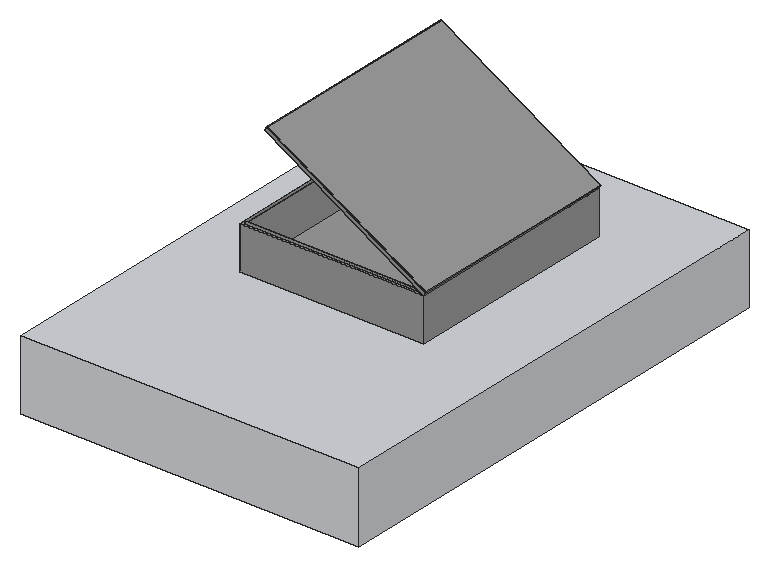
Revit family "Hager-Univers-IP54-D205-H950-Cl.II-Encl-CH-it", category Equipement électrique, Revit 2020
Family settings
  Hôte = Face
  Configuration du panneau = Deux colonnes, circuits au sein
  Cote de connecteur circulaire = Utiliser le diamètre
  Type d'élément = Tableau de raccordement
  Couper avec des vides une fois chargée = Non
  Partagée = Non
  Point de calcul de pièce = Non
Parameters (values of type "A parete IP54 L800 A950 P205  - FP63QSW")
  Width Control [instance] = if([EF000008 - Larghezza] > Min Width, [EF000008 - Larghezza], Min Width)  # 800 mm
  Commentaires du type = [HG000003 - Gamma]  # "Univers"
  Thickness Door [instance] = if([EF009171 - spessore materiale porta/coperchio] > 3 mm, 3 mm, [EF009171 - spessore materiale porta/coperchio])  # 1 mm
  Seal Frame Offset [instance] = 17 mm  # constant formula
  Plinth Visibility [instance] = [HG000027 - Altezza dello zoccolo] > 0 mm  # no
  Model = ""
  Min Width [instance] = 100 mm  # constant formula
  Min Height [instance] = 100 mm  # constant formula
  Min Depth [instance] = (2 * [EF009170 - spessore materiale scatola]) + 1 mm  # 3 mm
  Internal Frame Depth [instance] = (Door System Depth * 0.5)  # 9 mm
  Height Control [instance] = if([EF000040 - Altezza] > Min Height, [EF000040 - Altezza], Min Height)  # 950 mm
  HG000027 - Altezza dello zoccolo = 0 mm
  HG000026 - A pavimento = no
  HG000024 - Altezza della sezione inferiore = 800 mm
  HG000023 - Custodia a doppia sezione = no
  HG000016 - Visibilità delle porte nella vista 3D [instance] = yes
  HG000015 - Visibilità attraverso la porta [instance] = no
  HG000014 - Porta destra [instance] = yes
  HG000013 - Porta sinistra [instance] = not([HG000014 - Porta destra])  # no
  HG000012 - Angolo di apertura della porta [instance] = 30.00°
  HG000010 - Porte asimmetriche = no
  HG000009 - Porta doppia a battente = no
  HG000006 - Ad incasso = no
  HG000004 - Codice produttore = "FP63QSW"
  HG000003 - Gamma = "Univers"
  HG000002 - Con porta = yes
  Frame Offset Bottom [instance] = 10 mm  # constant formula
  Frame Offset [instance] = 15 mm  # constant formula
  EF015940 - Coprire con rilascio di sovrapressione = no
  EF011959 - tipo di protezione (NEMA) = ""
  EF009554 - numero delle aperture per la piastra della flangia = 6
  Fabricant = "Hager"  # constant formula
  EF009212 - esecuzione coperchio = "EV000116 - chiuso"
  EF009171 - spessore materiale porta/coperchio = 1 mm
  EF009170 - spessore materiale scatola = 1 mm
  EF008873 - corrente nominale (In) = 250 A
  EF007800 - adatto per parafulmine = no
  EF006306 - con serratura = no
  EF006244 - coperchio/porta trasparente = no
  EF005474 - grado di protezione (IP) = "EV006419 - IP54"
  EF004464 - tipo di porta = "EV002646 - singolo"
  EF004427 - numero di moduli = 216
  EF004293 - resistenza agli urti = "EV006815 - IK09"
  EF003532 - adatto per uso esterno = no
  EF002950 - Numero moduli DIN = 36
  EF001613 - Integrità del circuito = "EV000494 - senza"
  EF001596 - Attacco Lampada = "EV000179 - acciaio"
  EF001131 - profondità interna = 143 mm
  EF001088 - possibilità di applicazione = yes
  EF000437 - numero di ingressi per conduttori = 6
  EF000339 - tipo di copertura = "EV001012 - coperchio"
  EF000266 - numero di file = 6
  EF000218 - profondità di incasso = 0 mm
  EF000118 - con piastra di montaggio = no
  EF000116 - numero RAL = "9010"
  EF000049 - profondità = 205 mm
  EF000040 - Altezza = 950 mm
  EF000008 - Larghezza = 800 mm
  EF000007 - colore = "EV000202 - bianco"
  EF000003 - Tipo di montaggio = "EV000384 - A parete"
  Door System Leaf Tolerance [instance] = 1.5 mm  # constant formula
  Door System Depth [instance] = 18 mm  # constant formula
  Door Height [instance] = Height Control - [HG000027 - Altezza dello zoccolo]  # 950 mm
  Depth Control [instance] = if([EF000049 - profondità] > Min Depth, [EF000049 - profondità], Min Depth)  # 205 mm
  Default Elevation = 0 mm
  Connector Offset [instance] = Height Control / 2  # 475 mm
  Bottom Top Plate Trim [instance] = 1.5 mm  # constant formula
  Plinth height Ctrl [instance] = if([HG000027 - Altezza dello zoccolo] > 0 mm, [HG000027 - Altezza dello zoccolo], 12 mm)  # 12 mm
Types (5, lengths in mm): name | Width Control | HG000010 - Porte asimmetriche | HG000009 - Porta doppia a battente | HG000004 - Codice produttore | EF009554 - numero delle aperture per la piastra della flangia | EF004464 - tipo di porta | EF004427 - numero di moduli | EF002950 - Numero moduli DIN | EF001131 - profondità interna | EF000437 - numero di ingressi per conduttori | EF000339 - tipo di copertura | EF000008 - Larghezza
  A parete IP54 L1050 A950 P205  - FP64QSW | 1050 | no | no | "FP64QSW" | 8 | "EV003602 - doppio" | 288 | 48 | 143 | 8 | "EV001012 - coperchio" | 1050
  A parete IP54 L1300 A950 P205  - FP65QSW | 1300 | yes | yes | "FP65QSW" | 10 | "EV003602 - doppio" | 360 | 60 | 130 | 10 | "EV004216 - porta" | 1300
  A parete IP54 L300 A950 P205  - FP61QSW | 300 | no | no | "FP61QSW" | 2 | "EV002646 - singolo" | 72 | 12 | 130 | 2 | "EV004216 - porta" | 300
  A parete IP54 L550 A950 P205  - FP62QSW | 550 | no | no | "FP62QSW" | 4 | "EV002646 - singolo" | 144 | 24 | 130 | 4 | "EV001012 - coperchio" | 550
  A parete IP54 L800 A950 P205  - FP63QSW | 800 | no | no | "FP63QSW" | 6 | "EV002646 - singolo" | 216 | 36 | 143 | 6 | "EV001012 - coperchio" | 800
Reference planes
  plane 1 "Center (Front/Back)": y = 0
  plane 2: z = 0
  plane 3 "Center (Left/Right)": x = 0
  plane 4: z = 205
  plane 5: y = 1
  plane 6: y = 475
  plane 7: y = 0
  plane 8: y = 950
  plane 9: z = 0
  plane 10: x = -385
  plane 11: x = 385
  plane 12: x = 384
  plane 13: x = -384
  plane 14: y = 949
  plane 15: x = -383
  plane 16: x = -400
  plane 17: x = 383
  plane 18: x = 400
  plane 19: x = 399
  plane 20: x = -399
  plane 21: y = 11
  plane 22: y = 950
  plane 23: y = 934
  plane 24: z = 187
  plane 25: z = 1
  plane 26: z = 186
  plane 27: z = 204
Forms (mm)
  Extrusion 1, solid
    sketch origin (0, 0, 0) x (1, 0, 0) y (0, 1, 0)
      loop
        line (-702.964, 1305) -> (-702.964, -811.445) -> (766.763, -811.445) -> (766.763, 1305) -> (-702.964, 1305)
    from 0 to -304.8
  Extrusion 2, solid, material "Hager_Steel_RAL7035_Light_Grey", visible <- "Plinth Visibility", detail levels medium+fine
    sketch origin (0, 0, 0) x (1, 0, 0) y (0, 1, 0)
      loop
        line (-400, 0) -> (400, 0) -> (400, 12) -> (-400, 12) -> (-400, 0)
    from 0 to 187
  Extrusion 3, solid, material "Hager_Steel_RAL7035_Light_Grey", detail levels medium+fine
    sketch origin (0, 0, 0) x (1, 0, 0) y (0, 1, 0)
      loop
        line (-400, 0) -> (400, 0) -> (400, 950) -> (-400, 950) -> (-400, 0)
    from 0 to 187
  Extrusion 4, void
    sketch origin (0, 0, 0) x (1, 0, 0) y (0, 1, 0)
      loop
        line (-399, 1) -> (399, 1) -> (399, 949) -> (-399, 949) -> (-399, 1)
    from 1 to 186
  Extrusion 5, void
    sketch origin (-381.607, -4572, 187) x (0, -1, 0) y (-1, 0, 0)
      loop
        line (-4583, 2.393) -> (-5506, 2.393) -> (-5506, -765.607) -> (-4583, -765.607) -> (-4583, 2.393)
    from 0 to 1 <- "EF009170 - spessore materiale scatola"
  Extrusion 6, solid, material "Hager_Steel_RAL7035_Light_Grey", detail levels fine
    sketch origin (0, 0, 187) x (1, 0, 0) y (0, 1, 0)
      loop
        line (-384, 934) -> (-384, 11) -> (384, 11) -> (384, 934) -> (-384, 934)
      loop
        line (-385, 10) -> (385, 10) -> (385, 935) -> (-385, 935) -> (-385, 10)
    from 0 to 9 <- "Internal Frame Depth"
  Extrusion 7, solid, material "Hager_Steel_RAL7035_Light_Grey", detail levels coarse
    sketch origin (0, 0, 0) x (1, 0, 0) y (0, 1, 0)
      loop
        line (-400, 0) -> (400, 0) -> (400, 950) -> (-400, 950) -> (-400, 0)
    from 0 to 205
  Sweep 8, void
    path in 3D
      loop
        line (-400, 12, 0) -> (400, 12, 0) -> (400, 12, 187) -> (-400, 12, 187) -> (-400, 12, 0)
    profile origin (-400, 12, 93.5) x (-1, 0, 0) y (0, -1, 0)
      loop
        line (0, 0) -> (0, 1.5) -> (-1.5, 1.5)
        arc (-1.5, 1.5) -> (-1.061, 0.439) -> (0, 0) r 1.5
Cuts and joins
  Extrusion 4, Extrusion 5 cuts Extrusion 3
  Sweep 8 cuts Extrusion 2
Lines and regions (mm)
  Masking region 1
    outline origin (0, 0, 0) x (1, 0, 0) y (0, 0, 1)
      loop
        line (-400, 205) -> (-400, 0) -> (400, 0) -> (400, 205) -> (-400, 205)
  Masking region 2, detail levels medium+fine
    outline origin (0, 140, 0) x (0, 1, 0) y (0, 0, 1)
      loop
        line (-140, 0) -> (810, 0) -> (810, 187) -> (-140, 187) -> (-140, 0)
  Masking region 3, not visible, detail levels medium+fine
    outline origin (0, 297.922, 0) x (0, 1, 0) y (0, 0, 1)
      loop
        line (188.578, 0) -> (228.578, 0) -> (228.578, 194)
        arc (228.578, 194) -> (225.649, 201.071) -> (218.578, 204) r 10
        line (218.578, 204) -> (188.578, 204) -> (188.578, 0)
  Masking region 4, detail levels coarse
    outline origin (0, 0, 180) x (0, 1, 0) y (0, 0, 1)
      loop
        line (0, -180) -> (950, -180) -> (950, 25) -> (0, 25) -> (0, -180)
  Masking region 5, visible <- "Plinth Visibility", detail levels medium+fine
    outline origin (0, 52.24, 12.345) x (0, 0, -1) y (0, 1, 0)
      loop
        line (10.845, -40.24) -> (-173.155, -40.24)
        arc (-173.155, -40.24) -> (-173.594, -41.301) -> (-174.655, -41.74) r 1.5
        line (-174.655, -41.74) -> (-174.655, -52.24) -> (12.345, -52.24) -> (12.345, -41.74)
        arc (12.345, -41.74) -> (11.285, -41.301) -> (10.845, -40.24) r 1.5
  Masking region 6, detail levels medium+fine
    outline origin (-381.607, -4572, 187) x (-1, 0, 0) y (0, -1, 0)
      loop
        line (18.393, -5522) -> (18.393, -4572) -> (-781.607, -4572) -> (-781.607, -5522) -> (18.393, -5522)
  Masking region 7, visible <- "Plinth Visibility", detail levels medium+fine
    outline origin (-381.607, -4727, 187) x (-1, 0, 0) y (0, -1, 0)
      loop
        arc (16.893, -4739) -> (17.332, -4737.939) -> (18.393, -4737.5) r 1.5
        line (18.393, -4737.5) -> (18.393, -4727) -> (-781.607, -4727) -> (-781.607, -4737.5)
        arc (-781.607, -4737.5) -> (-780.546, -4737.939) -> (-780.107, -4739) r 1.5
        line (-780.107, -4739) -> (16.893, -4739)
  Masking region 8, detail levels coarse
    outline origin (-442.548, -4669.526, 187) x (-1, 0, 0) y (0, -1, 0)
      loop
        line (-42.548, -5619.526) -> (-42.548, -4669.526) -> (-842.548, -4669.526) -> (-842.548, -5619.526) -> (-42.548, -5619.526)
  sketch lines
    curve 1: line (-400, 12, 187) -> (-400, 12, 0)
    curve 2: line (400, 12, 187) -> (-400, 12, 187)
    curve 3: line (400, 12, 187) -> (400, 12, 0)
    curve 4: line (-400, 12, 0) -> (400, 12, 0)
Dimensions and locks
  "Depth Control": plane 4 to Extrusion 1
  "HG000027 - Altezza dello zoccolo": plane 1 "Center (Front/Back)" to plane 7
  "EF009170 - spessore materiale scatola": plane 5 to plane 7
  locked: connector elem to plane 3 "Center (Left/Right)"
  equal spacing: plane 8, plane 6, plane 7
  locked: connector elem to plane 6
  "EF009170 - spessore materiale scatola": plane 8 to plane 14
  "EF009170 - spessore materiale scatola": plane 10 to plane 13
  "EF009170 - spessore materiale scatola": plane 12 to plane 11
  "Frame Offset": plane 20 to plane 13
  "Frame Offset": plane 12 to plane 19
  "EF009170 - spessore materiale scatola": plane 16 to plane 20
  "EF009170 - spessore materiale scatola": plane 19 to plane 18
  "Seal Frame Offset": plane 16 to plane 15
  "Seal Frame Offset": plane 17 to plane 18
  "Frame Offset Bottom": plane 21 to plane 5
  "Frame Offset": plane 14 to plane 23
  equal spacing: plane 16, plane 3 "Center (Left/Right)", plane 18
  "Width Control": plane 16 to plane 18
  "EF009170 - spessore materiale scatola": plane 4 to plane 27
  "EF009170 - spessore materiale scatola": plane 24 to plane 26
  "EF009170 - spessore materiale scatola": plane 25 to level
  "Door System Depth": plane 4 to plane 24
  "Height Control": plane 1 "Center (Front/Back)" to Extrusion 7 sketch curve
  "Height Control": Masking region 4 sketch curve to plane 1 "Center (Front/Back)"
  "Height Control": plane 1 "Center (Front/Back)" to plane 22
  "Bottom Top Plate Trim": profile plane to Sweep 8 sketch curve
  "Bottom Top Plate Trim": Sweep 8 sketch curve to profile plane
  "Plinth height Ctrl": plane 1 "Center (Front/Back)" to Extrusion 2 sketch curve
  "Plinth height Ctrl": Masking region 5 sketch curve to plane 1 "Center (Front/Back)"
  "Plinth height Ctrl": plane 1 "Center (Front/Back)" to Masking region 7 sketch curve
  "Thickness Door": Extrusion 6 sketch curve to Extrusion 6 sketch curve  (x3)
  "Thickness Door": cut or joined group of Extrusion 3, Extrusion 4, Extrusion 5 to Extrusion 6 sketch curve
  radius of Masking region 3 sketch curve = 10 mm
  "Bottom Top Plate Trim": radius of Masking region 5 sketch curve  (x2)
  "Bottom Top Plate Trim": radius of Sweep 8 sketch curve
  "Bottom Top Plate Trim": radius of Masking region 7 sketch curve  (x2)
  aligned and locked: plane 2 to Extrusion 1
  aligned and locked: level to Extrusion 1
  aligned and locked: level to Masking region 1 sketch curve
  aligned and locked: Masking region 1 sketch curve to plane 18
  aligned and locked: Masking region 1 sketch curve to plane 16
  aligned and locked: plane 7 to Masking region 2 sketch curve
  aligned and locked: level to Masking region 3 sketch curve
  aligned and locked: Masking region 3 sketch curve to plane 27
  aligned and locked: level to Masking region 2 sketch curve
  aligned and locked: plane 1 "Center (Front/Back)" to Extrusion 2 sketch curve
  aligned and locked: Extrusion 3 sketch curve to plane 7
  aligned and locked: plane 16 to Extrusion 3 sketch curve
  aligned and locked: plane 18 to Extrusion 3 sketch curve
  aligned and locked: plane 20 to Extrusion 4 sketch curve
  aligned and locked: plane 19 to Extrusion 4 sketch curve
  aligned and locked: Extrusion 4 sketch curve to plane 5
  aligned and locked: Extrusion 4 to plane 25
  aligned and locked: plane 26 to Extrusion 4
  aligned and locked: plane 24 to Extrusion 3
  aligned and locked: Extrusion 5 sketch curve to plane 21
  aligned and locked: Extrusion 5 sketch curve to plane 13
  aligned and locked: Extrusion 5 sketch curve to plane 12
  aligned and locked: plane 18 to Extrusion 7 sketch curve
  aligned and locked: plane 1 "Center (Front/Back)" to Extrusion 7 sketch curve
  aligned and locked: plane 16 to Extrusion 7 sketch curve
  aligned and locked: plane 4 to Extrusion 7
  aligned and locked: Extrusion 7 to level
  aligned and locked: level to Masking region 4 sketch curve
  aligned and locked: Masking region 4 sketch curve to plane 1 "Center (Front/Back)"
  aligned and locked: Masking region 4 sketch curve to plane 4
  aligned and locked: nested 1 to level
  aligned and locked: nested 1 to plane 16
  aligned and locked: plane 8 to Extrusion 3 sketch curve
  aligned and locked: plane 23 to Extrusion 5 sketch curve
  aligned and locked: plane 14 to Extrusion 4 sketch curve
  aligned and locked: Masking region 2 sketch curve to plane 8
  aligned and locked: level to Masking region 5 sketch curve
  aligned and locked: plane 16 to Extrusion 2 sketch curve
  aligned and locked: plane 18 to Extrusion 2 sketch curve
  aligned and locked: Masking region 5 sketch curve to plane 24
  aligned and locked: Masking region 2 sketch curve to plane 24
  aligned and locked: plane 24 to Extrusion 2
  aligned and locked: profile plane to Sweep 8 sketch curve  (x2)
  aligned and locked: Masking region 6 sketch curve to plane 18
  aligned and locked: Masking region 6 sketch curve to plane 22
  aligned and locked: Masking region 6 sketch curve to plane 16
  aligned and locked: plane 8 to plane 22
  aligned and locked: Masking region 6 sketch curve to plane 7
  aligned and locked: Masking region 7 sketch curve to plane 16
  aligned and locked: Masking region 7 sketch curve to plane 1 "Center (Front/Back)"
  aligned and locked: Masking region 7 sketch curve to plane 18
  aligned and locked: Masking region 8 sketch curve to plane 1 "Center (Front/Back)"
  aligned and locked: Masking region 8 sketch curve to plane 18
  aligned and locked: Masking region 8 sketch curve to plane 22
  aligned and locked: Masking region 8 sketch curve to plane 16
  aligned and locked: nested 2 to plane 7
  aligned and locked: plane 3 "Center (Left/Right)" to nested 2
  aligned and locked: nested 2 to plane 24
  aligned and locked: Extrusion 6 sketch curve to cut or joined group of Extrusion 3, Extrusion 4, Extrusion 5  (x4)
Automatic sketch dimensions
  Extrusion 1 sketch curve to Extrusion 1 sketch curve = 1469.727 mm
  Extrusion 1 sketch curve to Extrusion 1 sketch curve = 2116.445 mm
  Masking region 1 sketch curve to plane 4 = 0 mm
  plane 6 to Masking region 3 sketch curve = 11.5 mm
  Masking region 3 sketch curve to Masking region 3 sketch curve = 30 mm
  Masking region 5 sketch curve to plane 1 "Center (Front/Back)" = 0 mm
Nested families
  nested 1: "Hager_Enclosure_Symbol" at (-400, 0, 0) x (1, 0, 0) z (0, -1, 0), Height <- "Depth Control", Width <- "Width Control", type "Hager_Enclosure_Symbol"
    with Width_Ctrl 800 mm, Width 800 mm, Height_Ctrl 205 mm, Height 205 mm, A_Width_Int 13.453 mm, A_Width 161.438 mm, A_Height_Ctrl 179.375 mm, A_Height 179.375 mm
  nested 2: "EC000058_Univers_Door" at (0, 0, 187) x (1, 0, 0) z (0, 1, 0), Leaf_Tolerance <- "Door System Leaf Tolerance", Angle <- "HG000012 - Angolo di apertura della porta", Door_Depth <- "Door System Depth", Door_Left <- "HG000013 - Porta sinistra", Transparent <- "EF006244 - coperchio/porta trasparente", Assymetrical <- "HG000010 - Porte asimmetriche", Width <- "Width Control", Clearance <- "HG000015 - Visibilità attraverso la porta", Double <- "HG000009 - Porta doppia a battente", 3d_Door <- "HG000016 - Visibilità delle porte nella vista 3D", Lock_Visibility <- "EF006306 - con serratura", Width_Ctrl <- "Width Control", Door_Right <- "HG000014 - Porta destra", Door <- "HG000002 - Con porta", Height <- "Door Height", Thickness <- "Thickness Door", type "EC000058_Univers_Door", detail levels medium+fine
    with min_wh 3 mm, Width_Ctrl 800 mm, Width 800 mm, Transparent no, Thickness 1 mm, Seal_Material Hager_Rubber, Lock_Visibility no, Lock_Material Hager_Plastic_RAL9005_Jet_Black, Leaf_Width 800 mm, Leaf_Tolerance_External_Sides 0 mm, Leaf_Tolerance 1.5 mm, Leaf_Offset 0 mm, Leaf_Height 947 mm, Leaf_2_Width 800 mm, Leaf_2_Offset 400 mm, Leaf_1_Width 800 mm, Leaf_1_Offset 400 mm, Height_Ctrl 950 mm, Height 950 mm, Glass_Material Hager_Glass, Double_Clearance_Ctrl no, Double no, Door_Right_Ctrl yes, Door_Right yes, Door_Material Hager_Steel_RAL7035_Light_Grey, Door_Left_Ctrl no, Door_Left no, Door_Depth 18 mm, Door yes, Clearance_Material Hager_Clearance, Clearance_Depth 800 mm, Clearance_Ctrl no, Clearance no, Assymetrical no, Angle 30.00°, 3d_Door yes
Connectors
  electrical at (0, 475, 0)
    settings: on plane 9, index 1, voltage 0 V, apparent load 0 VA, apparent load phase1 0 VA, apparent load phase2 0 VA, apparent load phase3 0 VA, power factor 1, load classification "Other", number of poles 1, system type 30, power factor state 1, is connector primary yes, connector utility no, sub classification motor no, connector description ""
Definition of nested family "EC000058_Univers_Door"
  Parameters (values of type "EC000058_Univers_Door")
    min_wh [instance] = (2 * Thickness) + 1 mm  # 11 mm
    Width_Ctrl [instance] = 400 mm
    Width [instance] = 500 mm
    Transparent [instance] = yes
    Thickness [instance] = 5 mm
    Seal_Material [instance] = none
    Lock_Visibility [instance] = yes
    Lock_Material [instance] = none
    Leaf_Width [instance] = if((Width_Ctrl - 2 * Leaf_Tolerance_External_Sides) > 0 mm, (Width_Ctrl - 2 * Leaf_Tolerance_External_Sides), min_wh)  # 400 mm
    Leaf_Tolerance_External_Sides [instance] = 0 mm  # constant formula
    Leaf_Tolerance [instance] = 1.5 mm
    Leaf_Offset [instance] = 0 mm  # constant formula
    Leaf_Height [instance] = if((Height_Ctrl - 2 * Leaf_Tolerance) > 0 mm, (Height_Ctrl - 2 * Leaf_Tolerance), min_wh)  # 497 mm
    Leaf_2_Width [instance] = if(and(and(Double, Assymetrical), Door_Left), (Leaf_Width / 3) - (Leaf_Tolerance / 2), if(and(and(Double, Assymetrical), Door_Right), (Leaf_Width / 3) * 2 - (Leaf_Tolerance / 2), if(and(Double, not(Assymetrical)), (Leaf_Width / 2) - Leaf_Tolerance, Leaf_Width)))  # 400 mm
    Leaf_2_Offset [instance] = if(and(Double, Assymetrical), Leaf_2_Width / 2, if(and(Double, not(Assymetrical)), Leaf_Width / 4, Leaf_Width / 2))  # 200 mm
    Leaf_1_Width [instance] = if(and(and(Double, Assymetrical), Door_Right), (Leaf_Width / 3) - (Leaf_Tolerance / 2), if(and(and(Double, Assymetrical), Door_Left), (Width / 3) * 2 - (Leaf_Tolerance / 2), if(and(Double, not(Assymetrical)), (Leaf_Width / 2) - Leaf_Tolerance, Leaf_Width)))  # 400 mm
    Leaf_1_Offset [instance] = if(and(Double, Assymetrical), Leaf_1_Width / 2, if(and(Double, not(Assymetrical)), Leaf_Width / 4, Leaf_Width / 2))  # 200 mm
    Height_Ctrl [instance] = if(Height > min_wh, Height, min_wh)  # 500 mm
    Height [instance] = 500 mm
    Glass_Material [instance] = none
    Double_Clearance_Ctrl [instance] = and(Double, Clearance)  # no
    Double [instance] = no
    Door_Right_Ctrl [instance] = and(or(Door_Right, Double), Door)  # yes
    Door_Right [instance] = yes
    Door_Material [instance] = none
    Door_Left_Ctrl [instance] = and(or(Door_Left, Double), Door)  # no
    Door_Left [instance] = no
    Door_Depth [instance] = 30 mm
    Door [instance] = yes
    Default Elevation = 1219.2 mm
    Clearance_Material [instance] = none
    Clearance_Depth [instance] = if(Leaf_1_Width > Leaf_2_Width, Leaf_1_Width, Leaf_2_Width)  # 400 mm
    Clearance_Ctrl [instance] = and(not(Double), Clearance)  # yes
    Clearance [instance] = yes
    Assymetrical [instance] = yes
    Angle [instance] = 30.00°
    3d_Door [instance] = yes
  Reference planes
    plane 1 "Center (Front/Back)": y = 0
    plane 2 "Bottom": z = 0
    plane 3 "Center (Left/Right)": x = 0
    plane 4: z = 500
    plane 5: x = -200
    plane 6: x = 200
    plane 7: z = 500
    plane 8: x = -200
    plane 9: z = 0
    plane 10: x = 200
    plane 11: y = 0
    plane 12: z = 1.5
    plane 13: x = -600
    plane 14: y = -400
    plane 15: x = 600
    plane 16: x = 0
    plane 17: x = 0
    plane 18: x = -200
    plane 19: x = 200
    plane 20: z = 498.5
  Forms (mm)
    Extrusion 1, solid, material <- "Clearance_Material", visible <- "Double_Clearance_Ctrl"
      sketch origin (1200, 0, 0) x (1, 0, 0) y (0, 0, -1)
        loop
          line (-1800, -498.5) -> (-600, -498.5) -> (-600, 0) -> (-1800, 0) -> (-1800, -498.5)
      from 0 to -400
  Dimensions and locks
    equal spacing: plane 5, plane 3 "Center (Left/Right)", plane 6
    "Width_Ctrl": plane 5 to plane 6
    "Leaf_Offset": plane 5 to plane 8
    "Leaf_Offset": plane 6 to plane 10
    "Leaf_Offset": plane 9 to level
    "Leaf_Offset": plane 4 to plane 7
    "Height_Ctrl": plane 4 to level
    "Leaf_Tolerance": plane 12 to plane 9
    locked: plane 11 to plane 1 "Center (Front/Back)"
    "Leaf_1_Offset": plane 18 to plane 16
    "Leaf_2_Offset": plane 17 to plane 19
    "Leaf_1_Width": plane 13 to plane 8
    "Leaf_2_Width": plane 10 to plane 15
    "Clearance_Depth": plane 14 to plane 1 "Center (Front/Back)"
    "Leaf_Tolerance_External_Sides": plane 8 to plane 18
    "Leaf_Tolerance_External_Sides": plane 19 to plane 10
    "Leaf_Tolerance": plane 7 to plane 20
    aligned and locked: level to plane 2 "Bottom"
    aligned and locked: nested 1 to plane 16
    aligned and locked: nested 2 to plane 17
    aligned and locked: Extrusion 1 to plane 13
    aligned and locked: plane 15 to Extrusion 1
    aligned and locked: Extrusion 1 to plane 14
    aligned and locked: plane 12 to nested 1
    aligned and locked: nested 2 to plane 12
    aligned and locked: Extrusion 1 to plane 11
    aligned and locked: plane 20 to Extrusion 1
    aligned and locked: nested 2 to plane 11
    aligned and locked: nested 1 to plane 11
  Automatic sketch dimensions
    Extrusion 1 sketch curve to level = 0 mm
    plane 5 to Extrusion 1 sketch curve = 400 mm
    plane 6 to Extrusion 1 sketch curve = 400 mm
    Extrusion 1 sketch curve to plane 4 = 1.5 mm
  Nested families
    nested 1: "EC000058_Univers_Door_Leaf" at (0, 0, 1.5), Width <- "Leaf_1_Width", visible <- "Door_Left_Ctrl", Leaf_Height <- "Leaf_Height", Angle <- "Angle", 3d_Door <- "3d_Door", Transparent <- "Transparent", Clearance Material <- "Clearance_Material", Clearance <- "Clearance_Ctrl", Door_Material <- "Door_Material", Glass_Material <- "Glass_Material", Door_Depth <- "Door_Depth", Lock_Material <- "Lock_Material", Seal_Material <- "Seal_Material", Lock_Visibility <- "Lock_Visibility", Thickness <- "Thickness", type "EC000058_Univers_Door_Leaf"
      with Width 400 mm, Transparent_Glass_Offset 30 mm, Transparent_Ctrl yes, Transparent yes, Thickness 5 mm, Standard no, Seal_Material none, Seal_D2 8 mm, Seal_D1 1 mm, Offset_Internal_Frame 10 mm, Lock_Width 20 mm, Lock_Visibility_3d yes, Lock_Visibility yes, Lock_Thickness_3 3 mm, Lock_Thickness_2 1 mm, Lock_Thickness_1 3 mm, Lock_Radius_Offset_2 16 mm, Lock_Radius_Offset_1 15 mm, Lock_Radius_2 5 mm, Lock_Radius 6 mm, Lock_Offset 5 mm, Lock_Material none, Lock_Height 80 mm, Lock_Cover_Top_Offset_2d 17 mm, Lock_Cover_Height -65 mm, Leaf_Height 497 mm, Internal_Seal_Thickness 8 mm, Internal_Seal_Depth_2 4.5 mm, Internal_Frame_Depth 25 mm, Glass_Thickness -1 mm, Glass_Offset -2 mm, Glass_Material none, Door_Material none, Door_Depth 30 mm, Clearance Material none, Clearance yes, Angle_Ctrl 30.00°, Angle 30.00°, 3d_Door yes
    nested 2: "EC000058_Univers_Door_Leaf" at (0, 0, 1.5) x (-1, 0, 0) z (0, 0, 1), Width <- "Leaf_2_Width", visible <- "Door_Right_Ctrl", Leaf_Height <- "Leaf_Height", Angle <- "Angle", 3d_Door <- "3d_Door", Transparent <- "Transparent", Clearance Material <- "Clearance_Material", Clearance <- "Clearance_Ctrl", Door_Material <- "Door_Material", Glass_Material <- "Glass_Material", Door_Depth <- "Door_Depth", Lock_Material <- "Lock_Material", Seal_Material <- "Seal_Material", Lock_Visibility <- "Lock_Visibility", Thickness <- "Thickness", type "EC000058_Univers_Door_Leaf"
      with Width 400 mm, Transparent_Glass_Offset 30 mm, Transparent_Ctrl yes, Transparent yes, Thickness 5 mm, Standard no, Seal_Material none, Seal_D2 8 mm, Seal_D1 1 mm, Offset_Internal_Frame 10 mm, Lock_Width 20 mm, Lock_Visibility_3d yes, Lock_Visibility yes, Lock_Thickness_3 3 mm, Lock_Thickness_2 1 mm, Lock_Thickness_1 3 mm, Lock_Radius_Offset_2 16 mm, Lock_Radius_Offset_1 15 mm, Lock_Radius_2 5 mm, Lock_Radius 6 mm, Lock_Offset 5 mm, Lock_Material none, Lock_Height 80 mm, Lock_Cover_Top_Offset_2d 17 mm, Lock_Cover_Height -65 mm, Leaf_Height 497 mm, Internal_Seal_Thickness 8 mm, Internal_Seal_Depth_2 4.5 mm, Internal_Frame_Depth 25 mm, Glass_Thickness -1 mm, Glass_Offset -2 mm, Glass_Material none, Door_Material none, Door_Depth 30 mm, Clearance Material none, Clearance yes, Angle_Ctrl 30.00°, Angle 30.00°, 3d_Door yes
  Definition of nested family "EC000058_Univers_Door_Leaf"
    Parameters (values of type "EC000058_Univers_Door_Leaf")
      Width [instance] = 2000 mm
      Transparent_Glass_Offset [instance] = 30 mm
      Transparent_Ctrl [instance] = and(Transparent, [3d_Door])  # yes
      Transparent [instance] = yes
      Thickness [instance] = 5 mm
      Standard [instance] = and(not(Transparent), [3d_Door])  # no
      Seal_Material [instance] = none
      Seal_D2 [instance] = 8 mm  # constant formula
      Seal_D1 [instance] = 1 mm  # constant formula
      Offset_Internal_Frame [instance] = 10 mm  # constant formula
      Lock_Width [instance] = 20 mm  # constant formula
      Lock_Visibility_3d [instance] = and(Lock_Visibility, [3d_Door])  # yes
      Lock_Visibility [instance] = yes
      Lock_Thickness_3 [instance] = 3 mm  # constant formula
      Lock_Thickness_2 [instance] = 1 mm  # constant formula
      Lock_Thickness_1 [instance] = 3 mm  # constant formula
      Lock_Radius_Offset_2 [instance] = Lock_Radius_Offset_1 + 1 mm  # 16 mm
      Lock_Radius_Offset_1 [instance] = 15 mm  # constant formula
      Lock_Radius_2 [instance] = Lock_Radius - 1 mm  # 5 mm
      Lock_Radius [instance] = 6 mm  # constant formula
      Lock_Offset [instance] = 5 mm  # constant formula
      Lock_Material [instance] = none
      Lock_Height [instance] = 80 mm  # constant formula
      Lock_Cover_Top_Offset_2d [instance] = Lock_Radius_Offset_2 + 1 mm  # 17 mm
      Lock_Cover_Height [instance] = -(Lock_Height - Lock_Radius_Offset_1)  # -65 mm
      Leaf_Height [instance] = 2720.336 mm
      Internal_Seal_Thickness [instance] = 8 mm  # constant formula
      Internal_Seal_Depth_2 [instance] = 4.5 mm  # constant formula
      Internal_Frame_Depth [instance] = if(Door_Depth - Thickness > 5 mm, Door_Depth - Thickness, 5 mm)  # 25 mm
      Glass_Thickness [instance] = if(Thickness > 15 mm, Glass_Offset + 10 mm, -1 mm)  # -1 mm
      Glass_Offset [instance] = if(Thickness > 15 mm, -(Thickness + 10 mm) / 2, -2 mm)  # -2 mm
      Glass_Material [instance] = none
      Door_Material [instance] = none
      Door_Depth [instance] = 30 mm
      Default Elevation = 0 mm
      Clearance Material [instance] = none
      Clearance [instance] = yes
      Angle_Ctrl [instance] = if(Angle > 180.00°, 180.00°, Angle)  # 90.00°
      Angle [instance] = 90.00°
      3d_Door [instance] = yes
    Reference planes
      plane 1 "Center (Front/Back)": y = 0
      plane 2: z = 0
      plane 3 "Center (Left/Right)": x = 0
      plane 4: y = 2000
      plane 5: x = -1000
      plane 6: x = 1000
      plane 7: x = -3000
      plane 8: z = 2720.336
      plane 9: z = 30
      plane 10: z = 2690.336
      plane 11: x = 970
      plane 12: x = -970
      plane 13: y = -3
      plane 14: z = 107.833
      plane 15: y = -5
      plane 16: y = -223.314
      plane 17: x = -1000
      plane 18: z = 1360.168
      plane 19: y = 30
    Forms (mm)
      Extrusion 1, solid, material <- "Clearance Material", visible <- "Clearance"
        sketch origin (0, 0, 0) x (1, 0, 0) y (0, 0, 1)
          loop
            line (-3000, 2720.336) -> (-3000, 0) -> (1000, 0) -> (1000, 2720.336) -> (-3000, 2720.336)
        from 0 to -2000
      Extrusion 2, solid, material <- "Door_Material", visible <- "Standard", detail levels medium+fine
        sketch origin (-1000, 0, 0) x (0, 1, 0) y (-1, 0, 0)
          loop
            line (0, 30) -> (0, 25) -> (2000, 25) -> (2000, 30) -> (0, 30)
        from 0 to 2720.336 <- "Leaf_Height"
      Extrusion 3, solid, material <- "Door_Material", visible <- "Transparent_Ctrl", detail levels medium+fine
        sketch origin (-1000, 0, 0) x (0, 1, 0) y (-1, 0, 0)
          loop
            line (0, 25) -> (2000, 25) -> (2000, 30) -> (0, 30) -> (0, 25)
        from 0 to 2720.336 <- "Leaf_Height"
      Extrusion 4, void
        sketch origin (-1025, 2000, 0) x (0, 1, 0) y (0, 0, -1)
          loop
            line (-30, -2690.336) -> (-30, -30) -> (-1970, -30) -> (-1970, -2690.336) -> (-30, -2690.336)
        from 0 to 5 <- "Thickness"
      Sweep 5, solid, material <- "Seal_Material", visible <- "Transparent_Ctrl", detail levels fine
        path in 3D
          loop
            line (-1025, 30, 30) -> (-1025, 30, 2690.336) -> (-1025, 1970, 2690.336) -> (-1025, 1970, 30) -> (-1025, 30, 30)
        profile origin (-1025, 1000, 30) x (1, 0, 0) y (0, 0, 1)
          loop
            line (0, 0) -> (0, -8) -> (1, -8) -> (1, 0) -> (0, 0)
      Extrusion 6, solid, material <- "Glass_Material", visible <- "Transparent_Ctrl", detail levels medium+fine
        sketch origin (-1030, 0, 0) x (0, 1, 0) y (0, 0, -1)
          loop
            line (1970, -2690.336) -> (1970, -30) -> (30, -30) -> (30, -2690.336) -> (1970, -2690.336)
        from -2 <- "Glass_Offset" to -1 <- "Glass_Thickness"
      Extrusion 7, solid, material <- "Door_Material", visible <- "3d_Door", detail levels medium+fine
        sketch origin (-1025, 2000, 0) x (0, -1, 0) y (0, 0, -1)
          loop
            line (0, -2720.336) -> (2000, -2720.336) -> (2000, 0) -> (0, 0) -> (0, -2720.336)
          loop
            line (1995, -5) -> (5, -5) -> (5, -2715.336) -> (1995, -2715.336) -> (1995, -5)
        from 0 to 25 <- "Internal_Frame_Depth"
      Sweep 8, solid, material <- "Seal_Material", visible <- "Transparent_Ctrl", detail levels fine
        path in 3D
          loop
            line (-1025, 0, 0) -> (-1025, 2000, 0) -> (-1025, 2000, 2720.336) -> (-1025, 0, 2720.336) -> (-1025, 0, 0)
        profile origin (-1025, 0, 1360.168) x (1, 0, 0) y (0, 1, 0)
          loop
            line (0, 10) -> (2.975, 10)
            arc (2.975, 10) -> (4.053, 10.447) -> (4.5, 11.525) r 1.525
            line (4.5, 11.525) -> (4.5, 16.527)
            arc (4.5, 16.527) -> (4.069, 17.569) -> (3.027, 18) r 1.473
            line (3.027, 18) -> (0, 18) -> (0, 10)
      Extrusion 9, solid, material <- "Lock_Material", visible <- "Lock_Visibility_3d", detail levels fine
        sketch origin (-1030, 0, 0) x (0, 1, 0) y (0, 0, -1)
          loop
            arc (1993.5, -1400.168) -> (1994.561, -1399.729) -> (1995, -1398.668) r 1.5
            line (1995, -1398.668) -> (1995, -1320.168) -> (1975, -1320.168) -> (1975, -1398.668)
            arc (1975, -1398.668) -> (1975.439, -1399.729) -> (1976.5, -1400.168) r 1.5
            line (1976.5, -1400.168) -> (1993.5, -1400.168)
        from 3 <- "Lock_Thickness_1" to 0
      Blend 10, solid, material <- "Lock_Material", visible <- "Lock_Visibility_3d", detail levels fine
        base sketch origin (-1033, 0, 0) x (0, 1, 0) y (0, 0, -1)
          loop
            line (1975, -1320.168) -> (1975, -1398.668)
            arc (1975, -1398.668) -> (1975.439, -1399.729) -> (1976.5, -1400.168) r 1.5
            line (1976.5, -1400.168) -> (1993.5, -1400.168)
            arc (1993.5, -1400.168) -> (1994.561, -1399.729) -> (1995, -1398.668) r 1.5
            line (1995, -1398.668) -> (1995, -1320.168) -> (1975, -1320.168)
        top sketch origin (-1033, 0, 0) x (0, 1, 0) y (0, 0, -1)
          loop
            line (1976, -1320.168) -> (1976, -1398.668)
            arc (1976, -1398.668) -> (1976.146, -1399.022) -> (1976.5, -1399.168) r 0.5
            line (1976.5, -1399.168) -> (1993.5, -1399.168)
            arc (1993.5, -1399.168) -> (1993.854, -1399.022) -> (1994, -1398.668) r 0.5
            line (1994, -1398.668) -> (1994, -1320.168) -> (1976, -1320.168)
        from 0 to 1 <- "Lock_Thickness_2"
      Blend 11, solid, material <- "Lock_Material", visible <- "Lock_Visibility_3d", detail levels fine
        base sketch origin (-1034, 0, 0) x (0, 1, 0) y (0, 0, -1)
          loop
            line (1978, -1320.168) -> (1978, -1384.168)
            arc (1978, -1384.168) -> (1985, -1391.168) -> (1992, -1384.168) r 7
            line (1992, -1384.168) -> (1992, -1320.168) -> (1978, -1320.168)
        top sketch origin (-1034, 0, 0) x (0, 1, 0) y (0, 0, -1)
          loop
            line (1991, -1320.168) -> (1979, -1320.168) -> (1979, -1383.168)
            arc (1979, -1383.168) -> (1985, -1389.168) -> (1991, -1383.168) r 6
            line (1991, -1383.168) -> (1991, -1320.168)
        from 0 to 3 <- "Lock_Thickness_3"
      Extrusion 12, solid, material <- "Lock_Material", visible <- "Lock_Visibility_3d", detail levels fine
        sketch origin (-1030, 1975, 1320.168) x (1, 0, 0) y (0, -1, 0)
          loop
            line (-7, -19) -> (-7, -1) -> (0, -1) -> (0, 0) -> (-8, 0) -> (-8, -20) -> (0, -20) -> (0, -19) -> (-7, -19)
        from 0 to -65 <- "Lock_Cover_Height"
      Extrusion 13, void
        sketch origin (-1038, 1995, 1320.168) x (-1, 0, 0) y (0, 0, -1)
          loop
            line (-5, -65) -> (0, -65) -> (-5, -60) -> (-5, -65)
        from 0 to 20 <- "Lock_Width"
      Extrusion 14, void
        sketch origin (-1038, 1975, 1320.168) x (0, -1, 0) y (0, 0, -1)
          loop
            circle (-10, -15.995) r 6
          loop
            circle (-10, -15.995) r 5
        from 0 to 2
      Extrusion 15, solid, material <- "Lock_Material", visible <- "Lock_Visibility_3d", detail levels medium
        sketch origin (-1030, 0, 0) x (0, 1, 0) y (0, 0, -1)
          loop
            arc (1993.5, -1400.168) -> (1994.561, -1399.729) -> (1995, -1398.668) r 1.5
            line (1995, -1398.668) -> (1995, -1320.168) -> (1975, -1320.168) -> (1975, -1398.668)
            arc (1975, -1398.668) -> (1975.439, -1399.729) -> (1976.5, -1400.168) r 1.5
            line (1976.5, -1400.168) -> (1993.5, -1400.168)
        from 8 to 0
    Cuts and joins
      Extrusion 4 cuts Extrusion 3
      Extrusion 13, Extrusion 14 cuts Extrusion 9
      Extrusion 14 cuts Blend 11
      Extrusion 13, Extrusion 14 cuts Extrusion 12
      joined: Extrusion 9, Blend 10, Blend 11, Extrusion 12
      Extrusion 14 cuts Extrusion 15
    Lines and regions (mm)
      Masking region 1, visible <- "Lock_Visibility", detail levels fine
        outline origin (0, 0, 0) x (0, 1, 0) y (0, 0, 1)
          loop
            line (30, 1320.168) -> (33, 1320.168) -> (33, 1400.168) -> (30, 1400.168) -> (30, 1320.168)
      Masking region 2, visible <- "Lock_Visibility", detail levels fine
        outline origin (0, 3.143, 0) x (0, 1, 0) y (0, 0, 1)
          loop
            line (29.857, 1354.168) -> (30.857, 1354.168) -> (30.857, 1366.168) -> (29.857, 1366.168) -> (29.857, 1354.168)
      Masking region 3, detail levels medium+fine
        outline origin (0, 0, 0) x (0, 1, 0) y (0, 0, 1)
          loop
            line (0, 0) -> (30, 0) -> (30, 2720.336) -> (0, 2720.336) -> (0, 0)
      Masking region 4, detail levels medium+fine
        outline origin (0, 0, 0) x (1, 0, 0) y (0, 0, 1)
          loop
            line (-1000, 2720.336) -> (-1000, 0) -> (1000, 0) -> (1000, 2720.336) -> (-1000, 2720.336)
      Masking region 5, visible <- "Lock_Visibility", detail levels fine
        outline origin (-47.116, 0, 0) x (1, 0, 0) y (0, 0, 1)
          loop
            arc (1024.616, 1399.168) -> (1023.556, 1398.729) -> (1023.116, 1397.668) r 1.5
            line (1023.116, 1397.668) -> (1023.116, 1320.168) -> (1041.116, 1320.168) -> (1041.116, 1397.668)
            arc (1041.116, 1397.668) -> (1040.677, 1398.729) -> (1039.616, 1399.168) r 1.5
            line (1039.616, 1399.168) -> (1024.616, 1399.168)
      Masking region 6, visible <- "Lock_Visibility", detail levels medium+fine
        outline origin (-25, 0, 0) x (1, 0, 0) y (0, 0, 1)
          loop
            arc (1001.5, 1400.168) -> (1000.439, 1399.729) -> (1000, 1398.668) r 1.5
            line (1000, 1398.668) -> (1000, 1320.168) -> (1020, 1320.168) -> (1020, 1398.668)
            arc (1020, 1398.668) -> (1019.561, 1399.729) -> (1018.5, 1400.168) r 1.5
            line (1018.5, 1400.168) -> (1001.5, 1400.168)
      Masking region 7, visible <- "Lock_Visibility", detail levels fine
        outline origin (-73.735, 0, 0) x (1, 0, 0) y (0, 0, 1)
          loop
            line (1051.735, 1382.168) -> (1065.735, 1382.168) -> (1065.735, 1384.168)
            arc (1065.735, 1384.168) -> (1058.735, 1391.168) -> (1051.735, 1384.168) r 7
            line (1051.735, 1384.168) -> (1051.735, 1382.168)
      Masking region 8, visible <- "Lock_Visibility", detail levels fine
        outline origin (-73.735, 0, 0) x (1, 0, 0) y (0, 0, 1)
          loop
            line (1052.735, 1382.168) -> (1064.735, 1382.168) -> (1064.735, 1383.168)
            arc (1064.735, 1383.168) -> (1058.735, 1389.168) -> (1052.735, 1383.168) r 6
            line (1052.735, 1383.168) -> (1052.735, 1382.168)
      Masking region 9, visible <- "Lock_Visibility", detail levels fine
        outline origin (-25, 0, 0) x (1, 0, 0) y (0, 0, 1)
          loop
            line (1020, 1320.168) -> (1020, 1382.168) -> (1000, 1382.168) -> (1000, 1320.168) -> (1020, 1320.168)
      Masking region 10, detail levels medium+fine
        outline origin (0, 0, 0) x (1, 0, 0) y (0, 0, 1)
          loop
            circle (985, 1335.144) r 6
      Masking region 11, detail levels fine
        outline origin (0, 0, 0) x (1, 0, 0) y (0, 0, 1)
          loop
            circle (985, 1335.144) r 5
      Masking region 12, visible <- "Lock_Visibility", detail levels fine
        outline origin (0, 12.767, 0) x (0, 1, 0) y (0, 0, 1)
          loop
            line (20.233, 1320.168) -> (21.233, 1320.168) -> (21.233, 1399.168) -> (20.233, 1400.168) -> (20.233, 1320.168)
      Masking region 13, visible <- "Lock_Visibility", detail levels fine
        outline origin (0, 13.767, -10) x (0, 1, 0) y (0, 0, 1)
          loop
            line (20.233, 1330.168) -> (23.233, 1330.168) -> (23.233, 1399.168) -> (20.233, 1402.168) -> (20.233, 1330.168)
      Masking region 14, visible <- "Lock_Visibility", detail levels fine
        outline origin (0, 12.767, -10) x (0, 1, 0) y (0, 0, 1)
          loop
            line (20.233, 1330.168) -> (25.233, 1330.168) -> (25.233, 1399.305) -> (20.233, 1394.305) -> (20.233, 1330.168)
      Masking region 15, visible <- "Lock_Visibility", detail levels medium
        outline origin (0, 0, 0) x (0, 1, 0) y (0, 0, 1)
          loop
            line (30, 1320.168) -> (38, 1320.168) -> (38, 1400.168) -> (30, 1400.168) -> (30, 1320.168)
      Masking region 16, visible <- "Lock_Visibility", detail levels fine
        outline origin (-1000, 0, 0) x (0, 1, 0) y (-1, 0, 0)
          loop
            line (1975, 30) -> (1995, 30) -> (1995, 38) -> (1975, 38) -> (1975, 30)
          loop
            line (1979, 37) -> (1976, 37) -> (1976, 34) -> (1978, 34) -> (1979, 37)
          loop
            line (1994, 37) -> (1991, 37) -> (1992, 34) -> (1994, 34) -> (1994, 37)
      Masking region 17, visible <- "Lock_Visibility", detail levels medium
        outline origin (-1000, 0, 0) x (0, 1, 0) y (-1, 0, 0)
          loop
            line (1975, 30) -> (1995, 30) -> (1995, 38) -> (1975, 38) -> (1975, 30)
      symbolic lines
        curve 1: line (1000, 0, 0) -> (-3000, 0, 0)
        curve 2: arc (1000, 0, 0) -> (-1000, 2000, 0) -> (-3000, 0, 0) r 2000
        curve 4: line (-1030, 0, 0) -> (-1030, 2000, 0)
      reference lines
        curve 3: line (-1000, 0, 0) -> (-1000, 2000, 0)
      symbolic lines, detail levels medium+fine
        curve 5: line (-1030, 2000, 0) -> (-1025, 2000, 0)
        curve 7: line (-1025, 0, 0) -> (-1030, 0, 0)
        curve 8: line (-1025, 0, 0) -> (-1000, 0, 0)
        curve 9: line (-1000, 0, 0) -> (-1000, 2000, 0)
        curve 10: line (-1000, 2000, 0) -> (-1025, 2000, 0)
      symbolic lines, detail levels fine
        curve 6: line (-1025, 2000, 0) -> (-1025, 0, 0)
      sketch lines
        curve 11: line (-1025, 0, 2720.336) -> (-1025, 0, 0)
        curve 12: line (-1025, 2000, 0) -> (-1025, 0, 0)
        curve 13: line (-1025, 2000, 2720.336) -> (-1025, 2000, 0)
        curve 14: line (-1025, 0, 2720.336) -> (-1025, 2000, 2720.336)
        curve 15: line (-1025, 1970, 30) -> (-1025, 30, 30)
        curve 16: line (-1025, 30, 30) -> (-1025, 30, 2690.336)
        curve 17: line (-1025, 1970, 2690.336) -> (-1025, 1970, 30)
        curve 18: line (-1025, 30, 2690.336) -> (-1025, 1970, 2690.336)
      symbolic lines, visible <- "Transparent", detail levels medium+fine
        curve 19: line (-970, 0, 2690.336) -> (970, 0, 2690.336)
        curve 20: line (-970, 0, 30) -> (-970, 0, 2690.336)
        curve 21: line (970, 0, 30) -> (-970, 0, 30)
        curve 22: line (970, 0, 2690.336) -> (970, 0, 30)
    Dimensions and locks
      "Width": plane 1 "Center (Front/Back)" to plane 4
      equal spacing: plane 5, plane 3 "Center (Left/Right)", plane 6
      "Width": plane 5 to plane 6
      "Width": plane 7 to plane 5
      "Leaf_Height": plane 8 to level
      "Width": curve 5 to curve 3
      "Width": curve 3 to curve 3
      plane 8 to plane 10 = 30 mm
      plane 9 to level = 30 mm
      plane 12 to plane 5 = 30 mm
      plane 6 to plane 11 = 30 mm
      Extrusion 1 to Extrusion 4 sketch curve = 30 mm
      "Transparent_Glass_Offset": curve 3 to Extrusion 4 sketch curve
      "Transparent_Glass_Offset": Extrusion 4 sketch curve to cut or joined group of Extrusion 3, Extrusion 4  (x2)
      cut or joined group of Extrusion 3, Extrusion 4 to Extrusion 6 sketch curve = 30 mm
      "Transparent_Glass_Offset": cut or joined group of Extrusion 3, Extrusion 4 to Extrusion 4 sketch curve
      "Thickness": curve 6 to curve 4
      "Thickness": Extrusion 7 sketch curve to Extrusion 7 sketch curve  (x4)
      "Door_Depth": curve 4 to curve 3
      "Offset_Internal_Frame": profile plane to Sweep 8 sketch curve
      "Internal_Seal_Thickness": Sweep 8 sketch curve to Sweep 8 sketch curve
      "Internal_Seal_Depth_2": profile plane to Sweep 8 sketch curve
      "Seal_D1": profile plane to Sweep 5 sketch curve
      "Seal_D2": profile plane to Sweep 5 sketch curve
      "Thickness": Extrusion 2 sketch curve to Extrusion 2 sketch curve
      equal spacing: Extrusion 9 sketch curve, plane 18, Extrusion 9 sketch curve  (x2)
      equal spacing: Masking region 1 sketch curve, plane 18, Masking region 1 sketch curve
      "Lock_Height": Masking region 1 sketch curve to Masking region 1 sketch curve
      "Lock_Radius": Masking region 2 sketch curve to plane 18 to Masking region 2 sketch curve
      Masking region 2 sketch curve to Masking region 1 = 1 mm
      "Door_Depth": plane 19 to plane 1 "Center (Front/Back)"
      "Lock_Thickness_1": Masking region 1 sketch curve to plane 19
      "Lock_Width": Extrusion 9 sketch curve to Extrusion 9 sketch curve
      "Lock_Height": Extrusion 9 sketch curve to Extrusion 9 sketch curve
      "Lock_Offset": cut or joined group of Extrusion 3, Extrusion 4 to Extrusion 9 sketch curve
      equal spacing: plane 8, plane 18, level
      "Lock_Radius_Offset_1": Blend 11 sketch curve to Blend 10
      locked: Blend 10 to Blend 11 sketch curve at 2  (x2)
      locked: var sketch to Blend 11 sketch curve at 1  (x2)
      "Lock_Radius_Offset_2": Blend 11 sketch curve to Blend 10
      locked: Extrusion 12 sketch curve to Extrusion 12 sketch curve at 1  (x3)
      Masking region 6 sketch curve to Masking region 6 sketch curve = 80 mm
      "Lock_Height": Masking region 6 sketch curve to Masking region 6 sketch curve
      "Lock_Width": Masking region 6 sketch curve to Masking region 6 sketch curve
      locked: Masking region 6 to Masking region 5 sketch curve at 1  (x3)
      locked: Masking region 5 to Masking region 7 sketch curve at 2  (x2)
      "Lock_Radius_Offset_1": Masking region 5 to Masking region 7 sketch curve
      "Lock_Radius_Offset_2": Masking region 5 to Masking region 8 sketch curve
      locked: Masking region 7 to Masking region 8 sketch curve at 1  (x2)
      "Lock_Cover_Top_Offset_2d": Masking region 5 to Masking region 9 sketch curve
      equal spacing: Masking region 9, Masking region 10 sketch curve, Masking region 9
      equal spacing: Masking region 9, Masking region 11 sketch curve, Masking region 9
      Extrusion 15 sketch curve to Extrusion 15 sketch curve = 80 mm
      "Lock_Width": Extrusion 15 sketch curve to Extrusion 15 sketch curve
      "Lock_Height": Extrusion 15 sketch curve to Extrusion 15 sketch curve
      equal spacing: Extrusion 15 sketch curve, plane 18, Extrusion 15 sketch curve
      "Lock_Thickness_3": Masking region 13 sketch curve to Masking region 13 sketch curve
      "Lock_Height": Masking region 12 sketch curve to Masking region 12 sketch curve
      locked: Masking region 13 sketch curve to Masking region 1 at 8
      locked: Masking region 14 sketch curve to Masking region 13 at 1
      locked: Masking region 14 sketch curve to Masking region 1 at 10.863
      "Lock_Height": Masking region 15 sketch curve to Masking region 15 sketch curve
      "Lock_Offset": Extrusion 15 sketch curve to cut or joined group of Extrusion 3, Extrusion 4
      "Lock_Offset": plane 6 to Masking region 6 sketch curve
      radius of Sweep 8 sketch curve = 1.525 mm
      radius of Sweep 8 sketch curve = 1.473 mm
      radius of Extrusion 9 sketch curve = 1.5 mm  (x2)
      "Lock_Radius": radius of Extrusion 14 sketch curve
      "Lock_Radius_2": radius of Extrusion 14 sketch curve
      "Lock_Radius": radius of Masking region 10 sketch curve
      "Lock_Radius_2": radius of Masking region 11 sketch curve
      radius of Extrusion 15 sketch curve = 1.5 mm  (x2)
      "Angle_Ctrl": angle plane 1 "Center (Front/Back)" to curve 3
      locked: Masking region 12 sketch curve to Masking region 12 sketch curve (angle 45.00°)
      locked: Masking region 13 sketch curve to Masking region 13 sketch curve (angle 45.00°)
      locked: Masking region 14 sketch curve to Masking region 14 sketch curve (angle 45.00°)
      aligned and locked: level to plane 2
      aligned and locked: Extrusion 1 to curve 1
      aligned and locked: plane 6 to Extrusion 1
      aligned and locked: Extrusion 1 to plane 1 "Center (Front/Back)"
      aligned and locked: plane 4 to Extrusion 1
      aligned and locked: plane 8 to Extrusion 1
      aligned and locked: curve 7 to Extrusion 2 sketch curve
      aligned and locked: curve 5 to Extrusion 2 sketch curve
      aligned and locked: curve 7 to Extrusion 3 sketch curve
      aligned and locked: Extrusion 3 sketch curve to curve 4
      aligned and locked: Extrusion 3 sketch curve to curve 6
      aligned and locked: Extrusion 3 sketch curve to curve 5
      aligned and locked: curve 9 to curve 3
      aligned and locked: Extrusion 7 sketch curve to cut or joined group of Extrusion 3, Extrusion 4  (x4)
      aligned and locked: plane 17 to curve 3
      aligned and locked: plane 1 "Center (Front/Back)" to curve 3
      aligned and locked: plane 17 to plane 5
      aligned and locked: Sweep 8 sketch curve to profile plane
      aligned and locked: Sweep 5 sketch curve to profile plane  (x2)
      aligned and locked: Masking region 1 to Masking region 2 sketch curve
      aligned and locked: plane 19 to Masking region 1 sketch curve
      aligned and locked: plane 1 "Center (Front/Back)" to Masking region 3 sketch curve
      aligned and locked: plane 19 to Masking region 3 sketch curve
      aligned and locked: level to Masking region 3 sketch curve
      aligned and locked: Masking region 3 sketch curve to plane 8
      aligned and locked: plane 17 to Masking region 4 sketch curve
      aligned and locked: level to Masking region 4 sketch curve
      aligned and locked: Masking region 4 sketch curve to plane 8
      aligned and locked: plane 12 to curve 20
      aligned and locked: plane 10 to curve 19
      aligned and locked: plane 11 to curve 22
      aligned and locked: curve 21 to plane 9
      aligned and locked: Extrusion 2 sketch curve to cut or joined group of Extrusion 3, Extrusion 4
      aligned and locked: Blend 10 sketch curve to Extrusion 9  (x4)
      aligned and locked: Extrusion 9 to Blend 10 sketch curve
      aligned and locked: Blend 10 to Blend 11 sketch curve
      aligned and locked: Extrusion 12 sketch curve to Blend 11
      aligned and locked: Extrusion 12 sketch curve to Extrusion 9  (x4)
      aligned and locked: Masking region 5 sketch curve to Masking region 6
      aligned and locked: Masking region 9 sketch curve to Masking region 6  (x3)
      aligned and locked: Masking region 12 sketch curve to Masking region 1
      aligned and locked: Masking region 13 sketch curve to Masking region 1
      aligned and locked: Masking region 12 to Masking region 14
      aligned and locked: Masking region 14 sketch curve to Masking region 1
      aligned and locked: Masking region 15 sketch curve to Masking region 14
      aligned and locked: Masking region 13 sketch curve to Masking region 12
      aligned and locked: Masking region 16 sketch curve to cut or joined group of Extrusion 14, Extrusion 15  (x4)
      aligned and locked: Masking region 16 sketch curve to cut or joined group of Extrusion 9, Blend 10, Blend 11, Extrusion 12, Extrusion 13, Extrusion 14  (x6)
      aligned and locked: cut or joined group of Extrusion 9, Blend 10, Blend 11, Extrusion 12, Extrusion 13, Extrusion 14 to Masking region 16 sketch curve
      aligned and locked: Masking region 17 sketch curve to cut or joined group of Extrusion 14, Extrusion 15  (x3)
      aligned and locked: Masking region 17 sketch curve to cut or joined group of Extrusion 9, Blend 10, Blend 11, Extrusion 12, Extrusion 13, Extrusion 14
      aligned and locked: Masking region 9 to Masking region 8 sketch curve
      aligned and locked: Masking region 9 to Masking region 7 sketch curve
    Automatic sketch dimensions
      plane 1 "Center (Front/Back)" to curve 2 = 0 mm
      curve 2 to plane 5 = 0 mm
      Extrusion 1 sketch curve to level = 0 mm
      Extrusion 1 sketch curve to plane 7 = 0 mm
      Extrusion 1 sketch curve to plane 6 = 0 mm
      Extrusion 1 sketch curve to plane 8 = 0 mm
      Extrusion 3 to Extrusion 6 sketch curve = 30 mm  (x4)
      Masking region 4 sketch curve to plane 6 = 0 mm
      Blend 10 sketch curve to Extrusion 9 = 1.5 mm
      Blend 10 sketch curve to Extrusion 9 = 1 mm
      Extrusion 13 sketch curve to Extrusion 12 = 0 mm  (x2)
      Extrusion 12 to Extrusion 13 sketch curve = 3 mm
      Extrusion 13 sketch curve to Extrusion 12 = 5 mm
      Extrusion 14 sketch curve to Extrusion 14 sketch curve = 0 mm  (x2)
      Extrusion 14 sketch curve to Extrusion 12 = 10 mm
      Extrusion 14 sketch curve to Extrusion 12 = 15.995 mm
      Masking region 5 sketch curve to Masking region 5 sketch curve = 1.5 mm  (x2)
      Masking region 10 sketch curve to plane 18 = 25.024 mm
      Masking region 11 sketch curve to plane 18 = 25.024 mm
      plane 19 to Masking region 14 sketch curve = 3 mm
      Masking region 16 sketch curve to Masking region 16 sketch curve = 3 mm
      curve 4 to curve 3 = 0 mm
      Blend 10 to Blend 11 sketch curve = 0 mm
      Masking region 6 sketch curve to Masking region 6 sketch curve = 1.5 mm  (x2)
      Masking region 6 sketch curve to plane 18 = 40 mm
      plane 19 to Masking region 12 sketch curve = 3 mm
      Masking region 12 sketch curve to Masking region 12 sketch curve = 1 mm
      Masking region 15 sketch curve to plane 19 = 0 mm
      Masking region 15 sketch curve to plane 18 = 40 mm
      radius of Blend 10 sketch curve to Extrusion 9 = 1 mm
Definition of nested family "Hager_Enclosure_Symbol"
  Parameters (values of type "Hager_Enclosure_Symbol")
    Width_Ctrl [instance] = if(Width > 1 mm, Width, 1 mm)  # 102.27 mm
    Width [instance] = 102.27 mm
    Height_Ctrl [instance] = if(Height > 1 mm, Height, 1 mm)  # 66.5 mm
    A_Width_Int [instance] = if(A_Width / 12 > 2 mm, A_Width / 12, 2 mm)  # 4.364 mm
    A_Width [instance] = if(A_Height_Ctrl * 0.9 > 2 mm, A_Height_Ctrl * 0.9, 2 mm)  # 52.369 mm
    A_Height_Ctrl [instance] = if(A_Height > 2 mm, A_Height, 2 mm)  # 58.188 mm
    Height [instance] = 66.5 mm
    A_Height [instance] = Height - (Height / 8)  # 58.188 mm
  Reference planes
    plane 1 "Centre (avant/arrière)": y = 0
    plane 2: z = 0
    plane 3 "Centre (gauche/droite)": x = 0
    plane 4: x = 52.369
    plane 5: y = 33.042
    plane 6: y = 41.77
    plane 7: y = 66.5
    plane 8: x = 26.184
    plane 9: y = 37.406
    plane 10: x = 102.27
    plane 11: y = 66.5
    plane 12: y = 8.313
  Lines and regions (mm)
    Filled region 1, type "Solid_Black", in view "Niveau de réf."
      outline origin (0, 0, 0) x (1, 0, 0) y (0, 1, 0)
        loop
          line (52.369, 66.5) -> (33.188, 54.536) -> (45.365, 45.006) -> (52.369, 66.5)
    Filled region 2, type "Solid_Black", in view "Niveau de réf."
      outline origin (0, 0, 0) x (1, 0, 0) y (0, 1, 0)
        loop
          line (0, 0) -> (102.27, 0) -> (102.27, 66.5) -> (0, 0)
    detail lines, in view "Niveau de réf."
      curve 1: line (0, 8.313, 0) -> (26.184, 41.77, 0)
      curve 2: line (26.184, 41.77, 0) -> (26.184, 33.042, 0)
      curve 3: line (26.184, 33.042, 0) -> (52.369, 66.5, 0)
  Dimensions and locks
    "A_Width": plane 3 "Centre (gauche/droite)" to plane 4
    equal spacing: plane 3 "Centre (gauche/droite)", plane 8, plane 4
    equal spacing: plane 6, plane 9, plane 5
    equal spacing: curve 3, Filled region 1 sketch curve, Filled region 1 sketch curve
    "Height_Ctrl": plane 1 "Centre (avant/arrière)" to plane 11
    "A_Height_Ctrl": plane 11 to plane 12
    equal spacing: plane 11, plane 9, plane 12
    "A_Width_Int": plane 6 to plane 9
    "Width_Ctrl": plane 3 "Centre (gauche/droite)" to plane 10
    angle Filled region 1 sketch curve to curve 3 = 20.00°
    angle curve 3 to Filled region 1 sketch curve = 20.00°
    locked: curve 3 to Filled region 1 sketch curve (angle 90.00°)
    aligned and locked: plane 10 to Filled region 2
    aligned and locked: plane 11 to Filled region 2 sketch curve
    aligned and locked: plane 10 to Filled region 2 sketch curve
    aligned and locked: plane 3 "Centre (gauche/droite)" to curve 1
    aligned and locked: plane 12 to curve 1
    aligned and locked: plane 7 to plane 11
  Automatic sketch dimensions
    Filled region 1 sketch curve to plane 4 = 0 mm
    Filled region 1 sketch curve to plane 7 = 0 mm
    plane 1 "Centre (avant/arrière)" to Filled region 2 sketch curve = 0 mm
    Filled region 2 sketch curve to plane 3 "Centre (gauche/droite)" = 0 mm
    curve 2 to plane 6 = 0 mm
    curve 2 to plane 8 = 0 mm
    curve 3 to plane 4 = 0 mm
    curve 2 to plane 5 = 0 mm
    curve 3 to plane 7 = 0 mm
